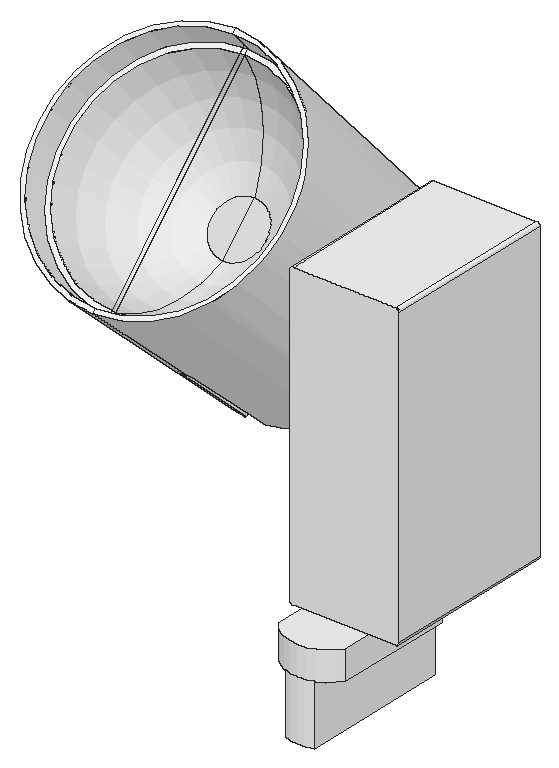
Revit family "0004866 Feilo Sylvania Lighting Fixture START TRACK SPOT L 35W 3K RA90 MB WHITE", category Lighting Fixtures, host Face, Revit 2017 (continued)
Definition of nested family "Start Track Spot Head"
  Types (96, lengths in mm): name | Wattage | built-in parameter 1150134 | Photometric Web File | Model | built-in parameter 1150105 | Lumens | built-in parameter 1150107 | built-in parameter 1150106 | HeadThickness_FEILO | HeadRibOffset_FEILO | HeadRibDepth_FEILO | HeadRibCutWidth_FEILO | HeadRibCutOffset_FEILO | HeadReflectorRadius_FEILO | HeadReflectorOffset_FEILO | HeadLEDRadius_FEILO | HeadHeight_FEILO | HeadDiffusorOffset_FEILO | HeadDiaOut_FEILO | HeadDiaIn_FEILO | HeadAxisFromTop_FEILO | Emit from Circle Diameter | built-in parameter 1150104 | Description | Apparent Load
    0004812 START TRACK SPOT S 14W 3K RA80 MB WHITE | 14 W | (empty or 0) | "0004812.ies" | "START TRACK SPOT S 14W 3K RA80 MB WHITE" | 120.32 (stored number, unit not read) | 1512 lm | 3000 (stored number, unit not read) | 1.2032 (stored number, unit not read) | 1.5 | 4.179 | 55.714 | 7.167 | 50.87 | 50.588 | 55.714 | 9.556 | 117 | 9.435 | 86 | 77.477 | 69.354 | 77.477 | 10.034 (stored number, unit not read) | "Integrated LED spotlight, Textured White - RAL9016, compact and minimalist design, ideal for retail applications, die-cast aluminium body, passive cooling heatsink. Beam angle: 36°, color temperature: 3000K , total system power: 14W, total fixture output: 1508 lm, LOR: 100%, colour rendering: Ra: 80 typical, LED Chromaticity: 3 step MacAdam ellipse, lifetime: >50000 hours at L70B50, energy class: A++, A+, A, IR/UV free light source without heat radiation, operating voltage: 220-240V / 50-60Hz, drive current: 350mA, electronic driver, non-dimmable, power factor: 0.92, electrical protection: Class II, Global Track 3 Phase adapter suitable for Global trac 3-circuit tracks, ingress protection rating: IP20, suitable for internal environment only, horizontal rotation: 355°, vertical tilt: 90°, dimensions: Ø86x140x200, weight: 0.940kg." | 14 VA
    0004811 START TRACK SPOT S 14W 3K RA80 NB WHITE | 14 W | (empty or 0) | "0004811.ies" | "START TRACK SPOT S 14W 3K RA80 NB WHITE" | 123.66 (stored number, unit not read) | 1554 lm | 3000 (stored number, unit not read) | 1.2366 (stored number, unit not read) | 1.5 | 4.179 | 55.714 | 7.167 | 50.87 | 50.588 | 55.714 | 9.556 | 117 | 9.435 | 86 | 77.477 | 69.354 | 77.477 | 10.312 (stored number, unit not read) | "Integrated LED spotlight, Textured White - RAL9016, compact and minimalist design, ideal for retail applications, die-cast aluminium body, passive cooling heatsink. Beam angle: 12°, color temperature: 3000K , total system power: 14W, total fixture output: 1551 lm, LOR: 100%, colour rendering: Ra: 80 typical, LED Chromaticity: 3 step MacAdam ellipse, lifetime: >50000 hours at L70B50, energy class: A++, A+, A, IR/UV free light source without heat radiation, operating voltage: 220-240V / 50-60Hz, drive current: 350mA, electronic driver, non-dimmable, power factor: 0.92, electrical protection: Class II, Global Track 3 Phase adapter suitable for Global trac 3-circuit tracks, ingress protection rating: IP20, suitable for internal environment only, horizontal rotation: 355°, vertical tilt: 90°, dimensions: Ø86x140x200, weight: 0.940kg." | 14 VA
  Reference planes
    plane 1 "Center (Front/Back)": y = 0
    plane 2: z = 0
    plane 3 "Center (Left/Right)": x = 0
    plane 4: x = 43
    plane 5: x = -43
    plane 6: x = -38.739
    plane 7: x = 38.739
    plane 8: z = 69.354
    plane 9: z = -47.646
    plane 10: x = -41.5
    plane 11: x = -37.239
    plane 12: z = -38.211
    plane 13: z = -35.211
    plane 14: z = 8.068
    plane 15: x = -9.556
    plane 16: x = -28.667
    plane 17: x = -19.111
    plane 18: x = -27.167
    plane 19: x = -17.611
    plane 20: x = -8.056
    plane 21: z = 13.64
    plane 22: x = -29.667
    plane 23: x = -26.167
    plane 24: x = -20.111
    plane 25: x = -16.611
    plane 26: x = -10.556
    plane 27: x = -7.056
    plane 28: x = -36.239
    plane 29: x = -40.5
    plane 30: z = 65.175
    plane 31: z = 60.997
    plane 32: z = 56.818
    plane 33: z = 18.484
    plane 34: y = -43
    plane 35: y = 43
    plane 36: y = 3.583
    plane 37: y = -3.583
    plane 38: y = -2.583
    plane 39: y = 2.583
    plane 40: y = 46
    plane 41: z = 13.5
    plane 42: z = -13.5
    plane 43: y = 39
    plane 44: x = 4.708
    plane 45: x = -2.458
    plane 46: x = -1.458
    plane 47: x = 1.458
  Forms (mm)
    Extrusion 1, solid
      sketch origin (4.2, 0, 0) x (1, 0, 0) y (0, 1, 0)
        loop
          line (-1219.2, 1219.2) -> (-1219.2, -1219.2) -> (1219.2, -1219.2) -> (1219.2, 1219.2) -> (-1219.2, 1219.2)
      from 0 to -68.017
    Revolve 2, solid, material <- "Material_1_FEILO", detail levels medium+fine
      sketch origin (0, 0, 0) x (1, 0, 0) y (0, 0, 1)
        loop
          line (-43, -47.646) -> (-41.5, -47.646) -> (-40.5, -35.211) -> (-38.739, -35.211)
          arc (-38.739, -35.211) -> (-30.16, -9.517) -> (-9.556, 8.068) r 50.588
          line (-9.556, 8.068) -> (0, 8.068) -> (0, 13.64) -> (-16.611, 13.64) -> (-17.611, 60.997) -> (-19.111, 60.997) -> (-20.111, 13.64) -> (-36.239, 13.64) -> (-37.239, 69.354) -> (-38.739, 69.354) -> (-43, -47.646)
        axis (0, 69.354) -> (0, -47.646)
      angle from 360 to 0
    Extrusion 3, void
      sketch origin (0, 0, 0) x (0, 1, 0) y (0, 0, 1)
        loop
          line (-3.583, 69.354) -> (-2.583, 18.484) -> (1.932, 18.484) -> (2.932, 69.354) -> (-3.583, 69.354)
      from 43 to -43
    Revolve 4, solid, material <- "Material_2_FEILO", detail levels medium+fine
      sketch origin (0, 0, 0) x (1, 0, 0) y (0, 0, 1)
        loop
          line (-41.5, -38.211) -> (0, -38.211) -> (0, -35.211) -> (-41.5, -35.211) -> (-41.5, -38.211)
        axis (0, -35.211) -> (0, -38.211)
      angle from 360 to 0
    Revolve 5, solid, material <- "Material_1_FEILO"
      sketch origin (0, 0, 0) x (0, 1, 0) y (0, 0, 1)
        loop
          line (46, 0) -> (39, 0) -> (39, -13.5) -> (46, -13.5) -> (46, 0)
        axis (39, 0) -> (46, 0)
      angle from 360 to 0
    Revolve 6, solid, material <- "Material_1_FEILO", detail levels medium+fine
      sketch origin (0, 0, 0) x (1, 0, 0) y (0, 0, 1)
        loop
          line (-29.667, 13.64) -> (-26.167, 13.64) -> (-27.167, 65.175) -> (-28.667, 65.175) -> (-29.667, 13.64)
        loop
          line (-10.556, 13.64) -> (-7.056, 13.64) -> (-7.833, 56.818) -> (-9.778, 56.818) -> (-10.556, 13.64)
        axis (0, 65.175) -> (0, 13.64)
      angle from 360 to 0
    Extrusion 7, void
      sketch origin (0, 0, 0) x (1, 0, 0) y (0, 0, 1)
        loop
          line (4.708, 69.354) -> (-2.458, 69.354) -> (-1.458, 13.64) -> (1.458, 13.64) -> (4.708, 69.354)
      from -43 to 43
    Revolve 8, solid, material <- "Material_1_FEILO", detail levels coarse
      sketch origin (0, 0, 0) x (1, 0, 0) y (0, 0, 1)
        loop
          line (0, 69.354) -> (-38.739, 69.354) -> (-43, -47.646) -> (-41.5, -47.646) -> (-40.731, -38.211) -> (0, -38.211) -> (0, 69.354)
        axis (0, 69.354) -> (0, -47.646)
      angle from 360 to 0
  Cuts and joins
    Extrusion 3 cuts Revolve 2
    Extrusion 7 cuts Revolve 6
  Dimensions and locks
    equal spacing: plane 7, plane 3 "Center (Left/Right)", plane 6
    equal spacing: plane 4, plane 3 "Center (Left/Right)", plane 5
    "HeadDiaOut_FEILO": plane 4 to plane 5
    "HeadDiaIn_FEILO": plane 7 to plane 6
    "HeadHeight_FEILO": plane 8 to plane 9
    "HeadThickness_FEILO": plane 10 to plane 5
    "HeadThickness_FEILO": plane 11 to plane 6
    "HeadDiffusorOffset_FEILO": plane 12 to plane 9
    "HeadDiffusorThickness_FEILO": plane 13 to plane 12
    "HeadReflectorOffset_FEILO": plane 14 to plane 9
    "HeadLEDRadius_FEILO": plane 3 "Center (Left/Right)" to plane 15
    "HeadLEDRadius_FEILO": plane 15 to plane 17
    "HeadLEDRadius_FEILO": plane 17 to plane 16
    "HeadThickness_FEILO": plane 18 to plane 16
    "HeadThickness_FEILO": plane 19 to plane 17
    "HeadThickness_FEILO": plane 20 to plane 15
    "HeadRibDepth_FEILO": plane 8 to plane 21
    "HeadDraft_FEILO": plane 16 to plane 22
    "HeadDraft_FEILO": plane 23 to plane 18
    "HeadDraft_FEILO": plane 17 to plane 24
    "HeadDraft_FEILO": plane 25 to plane 19
    "HeadDraft_FEILO": plane 15 to plane 26
    "HeadDraft_FEILO": plane 27 to plane 20
    "HeadDraft_FEILO": plane 29 to plane 10
    "HeadDraft_FEILO": plane 28 to plane 11
    "HeadRibOffset_FEILO": plane 8 to plane 30
    "HeadRibOffset_FEILO": plane 30 to plane 31
    "HeadRibOffset_FEILO": plane 31 to plane 32
    "HeadAxisFromTop_FEILO": plane 8 to plane 2
    "HeadRibCutOffset_FEILO": plane 8 to plane 33
    equal spacing: plane 34, plane 1 "Center (Front/Back)", plane 35
    "HeadDiaOut_FEILO": plane 34 to plane 35
    equal spacing: plane 38, plane 1 "Center (Front/Back)", plane 39
    equal spacing: plane 37, plane 1 "Center (Front/Back)", plane 36
    "HeadRibCutWidth_FEILO": plane 37 to plane 36
    "HeadDraft_FEILO": plane 37 to plane 38
    locked: plane 35 to plane 40 at 3
    equal spacing: plane 41, plane 2, plane 42
    locked: plane 42 to plane 41 at 27
    locked: plane 43 to plane 35 at 4
    equal spacing: plane 45, imposter light, plane 44
    "HeadDraft_FEILO": plane 46 to plane 45
    "HeadRibCutWidth_FEILO": plane 44 to plane 45
    equal spacing: plane 47, plane 3 "Center (Left/Right)", plane 46
    "HeadReflectorRadius_FEILO": radius of Revolve 2 sketch curve
    aligned and locked: plane 2 to Extrusion 1
    aligned and locked: level to Extrusion 1
    aligned and locked: Revolve 2 sketch curve to plane 3 "Center (Left/Right)"  (x2)
    aligned and locked: plane 9 to Revolve 2 sketch curve  (x2)
    aligned and locked: plane 5 to Revolve 2 sketch curve
    aligned and locked: plane 10 to Revolve 2 sketch curve
    aligned and locked: plane 14 to Revolve 2 sketch curve
    aligned and locked: plane 8 to Revolve 2 sketch curve
    aligned and locked: Revolve 2 sketch curve to plane 13
    aligned and locked: plane 12 to Revolve 4 sketch curve
    aligned and locked: plane 3 "Center (Left/Right)" to Revolve 4 sketch curve
    aligned and locked: Revolve 4 sketch curve to plane 10
    aligned and locked: Revolve 4 sketch curve to plane 3 "Center (Left/Right)"
    aligned and locked: plane 12 to imposter light
    aligned and locked: imposter light to plane 1 "Center (Front/Back)"
    aligned and locked: Revolve 5 sketch curve to plane 2
    aligned and locked: plane 43 to Revolve 5 sketch curve
    aligned and locked: plane 42 to Revolve 5 sketch curve
    aligned and locked: Revolve 6 sketch curve to plane 3 "Center (Left/Right)"
    aligned and locked: plane 22 to Revolve 6 sketch curve
    aligned and locked: plane 30 to Revolve 6 sketch curve
    aligned and locked: plane 23 to Revolve 6 sketch curve
    aligned and locked: Revolve 6 sketch curve to plane 21  (x2)
    aligned and locked: plane 21 to Revolve 6 sketch curve
    aligned and locked: plane 17 to Revolve 2 sketch curve
    aligned and locked: plane 19 to Revolve 2 sketch curve
    aligned and locked: plane 31 to Revolve 2 sketch curve
    aligned and locked: plane 21 to Revolve 2 sketch curve
    aligned and locked: Extrusion 3 to plane 8
    aligned and locked: plane 33 to Extrusion 3
    aligned and locked: plane 8 to Extrusion 3 sketch curve
    aligned and locked: Extrusion 3 sketch curve to plane 33
    aligned and locked: Extrusion 3 to plane 5
    aligned and locked: plane 4 to Extrusion 3
    aligned and locked: plane 32 to Revolve 6 sketch curve
    aligned and locked: plane 44 to Extrusion 7 sketch curve
    aligned and locked: Extrusion 7 sketch curve to plane 8
    aligned and locked: plane 46 to Extrusion 7 sketch curve
    aligned and locked: plane 21 to Extrusion 7 sketch curve
    aligned and locked: plane 34 to Extrusion 7
    aligned and locked: Extrusion 7 to plane 35
    aligned and locked: Revolve 4 sketch curve to plane 13
    aligned and locked: Revolve 5 sketch curve to plane 40
    aligned and locked: Revolve 8 sketch curve to plane 3 "Center (Left/Right)"
    aligned and locked: Revolve 8 sketch curve to cut or joined group of Revolve 2, Extrusion 3  (x3)
    aligned and locked: plane 5 to Revolve 8 sketch curve
    aligned and locked: plane 3 "Center (Left/Right)" to Revolve 8 sketch curve
    aligned and locked: plane 12 to Revolve 8 sketch curve
  Automatic sketch dimensions
    Extrusion 1 sketch curve to Extrusion 1 sketch curve = 2438.4 mm  (x2)
    Extrusion 3 sketch curve to plane 37 = 0 mm
    Extrusion 3 sketch curve to plane 38 = 0 mm
    plane 39 to Extrusion 3 sketch curve = 0.651 mm
    Extrusion 3 sketch curve to plane 39 = 0.349 mm
    Revolve 6 sketch curve to plane 16 = 0 mm
    Revolve 6 sketch curve to plane 18 = 0 mm
    Revolve 6 sketch curve to plane 26 = 0 mm
    Revolve 6 sketch curve to plane 27 = 0 mm
    Revolve 6 sketch curve to plane 15 = 0.222 mm
    plane 9 to Revolve 6 sketch curve = 559.103 mm
    Revolve 6 sketch curve to plane 8 = 2535.555 mm
    plane 20 to Revolve 6 sketch curve = 0.222 mm
    Revolve 2 sketch curve to plane 29 = 0 mm
    Revolve 2 sketch curve to plane 6 = 0 mm  (x2)
    Revolve 2 sketch curve to plane 11 = 0 mm
    Revolve 2 sketch curve to plane 21 = 0 mm
    Revolve 2 sketch curve to plane 28 = 0 mm
    Revolve 2 sketch curve to plane 24 = 0 mm
    Revolve 2 sketch curve to plane 25 = 0 mm
    Revolve 2 sketch curve to plane 15 = 0 mm
    Revolve 2 sketch curve to Revolve 2 sketch curve = 557.155 mm
    Revolve 2 sketch curve to plane 8 = 2535.558 mm
    Extrusion 7 sketch curve to plane 45 = 0 mm
    Extrusion 7 sketch curve to plane 47 = 0 mm
    plane 9 to Revolve 4 sketch curve = 559.103 mm
    Revolve 4 sketch curve to plane 8 = 2535.555 mm
    Revolve 5 sketch curve to level = 0 mm
    plane 34 to Revolve 5 sketch curve = 1968.092 mm
    Revolve 5 sketch curve to plane 40 = 1405.763 mm
    Revolve 8 sketch curve to plane 6 = 0 mm
    Revolve 8 sketch curve to plane 29 = 0.231 mm
    plane 9 to Revolve 8 sketch curve = 559.103 mm
    Revolve 8 sketch curve to Revolve 8 sketch curve = 2535.555 mm
Definition of nested family "Start Track Spot Box"
  Parameters (values of type "Type Large White")
    URL = "http://www.feilosylvania.com"
    Type Image = (empty or 0)
    Type Comments = "n/a"
    Small_FEILO = no
    Material_3_FEILO = none
    Model = ""
    Manufacturer = "Feilo Sylvania"
    Keynote = ""
    Material_2_FEILO = none
    Description = ""
    Default Elevation = 1219.2 mm
    Cost = 0
    Material_1_FEILO = none
    BoxWidth_FEILO = 49 mm
    BoxStartAngle_FEILO [instance] = 0.00°
    BoxRadius_FEILO = 1.5 mm
    BoxHeight_FEILO = if(Small_FEILO, 112 mm, 136 mm)  # 136 mm
    BoxEndAngle_FEILO [instance] = BoxStartAngle_FEILO - 180.00°  # -180.00°
    BoxDepth_FEILO = if(Small_FEILO, 71.5 mm, 79 mm)  # 79 mm
    BoxAxisVerticalOffset_FEILO = 16 mm
    BoxAxisOffset_FEILO = BoxHeight_FEILO / 6.8  # 20 mm
    Assembly Code = ""
    Material_4_FEILO = none
  Types (4, lengths in mm): name | Small_FEILO | BoxHeight_FEILO | BoxDepth_FEILO | BoxAxisOffset_FEILO
    Type Large White | no | 136 | 79 | 20
    Type Small White | yes | 112 | 71.5 | 16.471
    Type Small Black | yes | 112 | 71.5 | 16.471
    Type Large Black | no | 136 | 79 | 20
  Reference planes
    plane 1 "Center (Front/Back)": y = 0
    plane 2: z = 0
    plane 3 "Center (Left/Right)": x = 0
    plane 4: x = 24.5
    plane 5: x = -24.5
    plane 6: y = 68
    plane 7: y = -68
    plane 8: z = 39.5
    plane 9: z = -39.5
    plane 10: y = -48
    plane 11: x = 30.5
    plane 12: x = 8.5
    plane 13: x = 21.5
    plane 14: y = 70
    plane 15: y = 72
    plane 16: x = 19.5
  Forms (mm)
    Extrusion 1, solid
      sketch origin (4.2, 0, 0) x (1, 0, 0) y (0, 1, 0)
        loop
          line (-1219.2, 1219.2) -> (-1219.2, -1219.2) -> (1219.2, -1219.2) -> (1219.2, 1219.2) -> (-1219.2, 1219.2)
      from 0 to -68.017
    Extrusion 2, solid, material <- "Material_1_FEILO"
      sketch origin (0, 0, 0) x (1, 0, 0) y (0, 1, 0)
        loop
          arc (-23, 68) -> (-24.061, 67.561) -> (-24.5, 66.5) r 1.5
          line (-24.5, 66.5) -> (-24.5, -66.5)
          arc (-24.5, -66.5) -> (-24.061, -67.561) -> (-23, -68) r 1.5
          line (-23, -68) -> (23, -68)
          arc (23, -68) -> (24.061, -67.561) -> (24.5, -66.5) r 1.5
          line (24.5, -66.5) -> (24.5, 66.5)
          arc (24.5, 66.5) -> (24.061, 67.561) -> (23, 68) r 1.5
          line (23, 68) -> (-23, 68)
      from -39.5 to 39.5
    Revolve 3, solid, not visible
      sketch origin (0, 0, 0) x (1, 0, 0) y (0, 1, 0)
        loop
          line (30.5, -48) -> (24.5, -48) -> (24.5, -68) -> (30.5, -68) -> (30.5, -48)
        axis (30.5, -48) -> (24.5, -48)
      angle from 0 <- "BoxStartAngle_FEILO" to -180 <- "BoxEndAngle_FEILO"
    Revolve 4, solid, material <- "Material_2_FEILO"
      sketch origin (0, 0, 0) x (1, 0, 0) y (0, 1, 0)
        loop
          line (8.5, 68) -> (19.5, 68) -> (19.5, 70) -> (21.5, 70) -> (21.5, 72) -> (8.5, 72) -> (8.5, 68)
        axis (8.5, 72) -> (8.5, 68)
      angle from 360 to 0
  Dimensions and locks
    equal spacing: plane 5, plane 3 "Center (Left/Right)", plane 4
    "BoxWidth_FEILO": plane 5 to plane 4
    equal spacing: plane 7, plane 1 "Center (Front/Back)", plane 6
    "BoxHeight_FEILO": plane 7 to plane 6
    equal spacing: plane 8, plane 2, plane 9
    "BoxDepth_FEILO": plane 8 to plane 9
    "BoxAxisOffset_FEILO": plane 7 to plane 10
    locked: plane 4 to plane 11 at 6
    "BoxAxisVerticalOffset_FEILO": plane 12 to plane 4
    locked: plane 12 to plane 13 at 13
    plane 6 to plane 14 to plane 15 = 2 mm locked, 2 mm locked
    locked: plane 12 to plane 16 at 11
    "BoxRadius_FEILO": radius of Extrusion 2 sketch curve  (x4)
    aligned and locked: plane 2 to Extrusion 1
    aligned and locked: level to Extrusion 1
    aligned and locked: plane 6 to Extrusion 2 sketch curve
    aligned and locked: plane 5 to Extrusion 2 sketch curve
    aligned and locked: Extrusion 2 sketch curve to plane 7
    aligned and locked: Extrusion 2 sketch curve to plane 4
    aligned and locked: Extrusion 2 to plane 8
    aligned and locked: plane 9 to Extrusion 2
    aligned and locked: Revolve 3 sketch curve to plane 10  (x2)
    aligned and locked: plane 11 to Revolve 3 sketch curve
    aligned and locked: Revolve 3 sketch curve to plane 4
    aligned and locked: plane 7 to Revolve 3 sketch curve
    aligned and locked: Revolve 4 sketch curve to plane 12
    aligned and locked: plane 6 to Revolve 4 sketch curve
    aligned and locked: plane 12 to Revolve 4 sketch curve
    aligned and locked: plane 15 to Revolve 4 sketch curve
    aligned and locked: Revolve 4 sketch curve to plane 13
    aligned and locked: Revolve 4 sketch curve to plane 14
    aligned and locked: Revolve 4 sketch curve to plane 16
    aligned and locked: Revolve 4 sketch curve to plane 6
  Automatic sketch dimensions
    Extrusion 1 sketch curve to Extrusion 1 sketch curve = 2438.4 mm  (x2)
    Revolve 3 sketch curve to plane 5 = 1499.5 mm
    plane 11 to Revolve 3 sketch curve = 1493.5 mm
    plane 15 to Revolve 4 sketch curve = 0 mm
    plane 7 to Revolve 4 sketch curve = 1456 mm
    Revolve 4 sketch curve to plane 15 = 1452 mm
